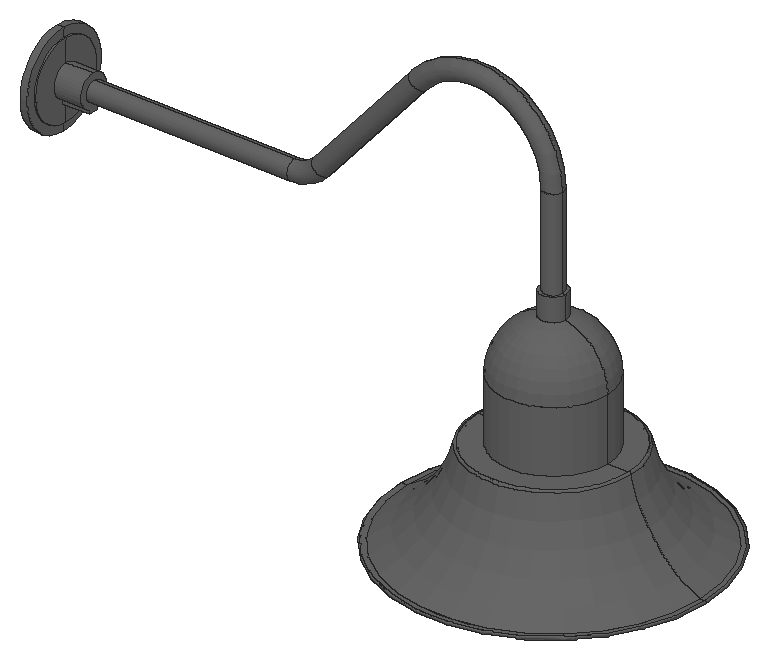
Revit family "Mini Bella Vista_Flare_MB", category Lighting Fixtures, Revit 2020
Family settings
  Round Connector Dimension = Use Diameter
  Part Type = Normal
  OmniClass Number = 23.80.70.00
  OmniClass Title = Lighting
  Work Plane-Based = No
  Always vertical = Yes
  Cut with Voids When Loaded = No
  Light Source = Yes
  Shared = No
  Room Calculation Point = No
Parameters (values of type "MBVF16")
  Weight = "1.25 lb"
  Wattage Comments = "200W"
  Wattage = 2.4 W
  Warranty = "5 year limited warranty"  # constant formula
  built-in parameter 1150110 = 1 (stored number, unit not read)
  Voltage = 277 V
  URL = "https://www.anplighting.com/assets/Uploads/product-attachments/specification-sheets/ANP-Specification-Sheet-RLM-MB-MBVF16.pdf"
  built-in parameter 1114217 = 1 (stored number, unit not read)
  Tilt Angle = 90.00°
  built-in parameter 1150109 = 1 (stored number, unit not read)
  built-in parameter 1150134 = 12
  built-in parameter 1150113 = 1 (stored number, unit not read)
  Mounting Option [instance] = 2
  Power Factor = 1
  Post Mount [instance] = Mounting Option = 5  # no
  Placement X axis side [instance] = if(Post Mount, 2' 2 15/32", if(Cord or Stem Mount, 0' 0", if(E36 20 inch, 1' 8 1/4", if(E 6 26 inch, 2' 2", if(E7 41 inch, 3' 5 1/4", 0' 1")))))  # 2' - 2"
  Photometric Web File = "MBVF16E050LDST540K.ies"
  Model = "MBVF16"
  Manufacturer = "ANP Lighting"  # constant formula
  MBVF16 = yes
  MBVF14 = no
  MBVF12 = no
  built-in parameter 1150105 = 3000 (stored number, unit not read)
  Lumens = 3000 lm
  built-in parameter 1150115 = 1 (stored number, unit not read)
  Load Classification = Lighting
  Light Source Height [instance] = if(MBVF12, 0' 4 55/128", if(MBVF14, 0' 5 23/128", if(MBVF16, 0' 5 55/128", 0' 0")))  # 0' - 5 55/128"
  built-in parameter 1150137 = (empty or 0)
  built-in parameter 1150139 = (empty or 0)
  Light Elevation_3 [instance] = if(MBVF12, (0' 2" + 0' 2 55/128"), if(MBVF14, (0' 2 3/4" + 0' 2 55/128"), if(MBVF16, (0' 3" + 0' 2 55/128"), 0' 0")))  # 0' - 5 55/128"
  Light Elevation _2 [instance] = if(MBVF12, 0' 10 7/8", if(MBVF14, 0' 11 5/8", if(MBVF16, 1' 0", 0' 0")))  # 1' - 0"
  Light Elevation _1 [instance] = if(Post Mount, 0' 0", if(E7 41 inch, 0' 0", if(E36 20 inch, 0' 1", if(E 6 26 inch, 0' 0.87402", if(Cord or Stem Mount, (0' 3.66142" + Cord Length), 0' 0")))))  # 0' - 0.87402"
  Light Elevation [instance] = if(Post Mount, 14' 0.5315", if(E7 41 inch, 0' 0", 0' 0"))  # 0' - 0"
  Life = "L70 60,000 hours"
  built-in parameter 1150112 = 1 (stored number, unit not read)
  built-in parameter 1150114 = 1 (stored number, unit not read)
  Lamp = "200W MAX MEDIUM BASE"
  Inside body material = INSIDE BODY MATERIAL
  built-in parameter 1150132 = 2
  built-in parameter 1150102 = (empty or 0)
  built-in parameter 1150107 = 4000 (stored number, unit not read)
  built-in parameter 1150138 = (empty or 0)
  built-in parameter 1150106 = 30 (stored number, unit not read)
  GLASS = Glass
  Fixture Height = 1' - 0"
  Fixture Diameter = 1' - 4"
  Efficiency = "80-116 lumens per watt"
  built-in parameter 1150104 = 116.13 (stored number, unit not read)
  E7 41 inch [instance] = Mounting Option = 4  # no
  E36 20 inch [instance] = Mounting Option = 3  # no
  E 6 26 inch [instance] = Mounting Option = 2  # yes
  Dimming Lamp Color Temperature Shift = <None>
  Dimming = "1%"  # constant formula
  Description = "120-277 Voltage"  # constant formula
  Default Elevation = 0' - 0"
  Cord or Stem Mount [instance] = Mounting Option = 1  # no
  Cord Length option [instance] = 10
  Cord Length [instance] = if([2' Cord], 2' 0", if([4' Cord], 4' 0", if([8' Cord], 8' 0", if([10' Cord], 10' 0", if([6' Cord], 6' 0", 6' 0")))))  # 10' - 0"
  Construction Material = "Heavy Duty spun aluminum."  # constant formula
  Color Filter = 16777215
  CRI = ">70"
  Bulb = BULB
  Body Material = body
  Body Colour = "Spun aluminium"  # constant formula
  built-in parameter 1114218 = 1 (stored number, unit not read)
  built-in parameter 1150133 = 10 (stored number, unit not read)
  Apparent Load = 200 VA
  8' Cord [instance] = Cord Length option = 8  # no
  6' Cord [instance] = Cord Length option = 6  # no
  4' Cord [instance] = Cord Length option = 4  # no
  2' Cord [instance] = Cord Length option = 2  # no
  10' Cord [instance] = Cord Length option = 10  # yes
Types (4): name | Weight | Wattage Comments | Wattage | URL | Photometric Web File | Model | MBVF16 | MBVF14 | MBVF12 | built-in parameter 1150105 | Lumens | Light Source Height | Light Elevation_3 | Light Elevation _2 | Life | Lamp | built-in parameter 1150106 | Fixture Height | Fixture Diameter | Efficiency | CRI | Apparent Load
  (no name) | "1.25 lb" | "200W" | 2.4 W | "https://www.anplighting.com/assets/Uploads/product-attachments/specification-sheets/ANP-Specification-Sheet-RLM-MB-MBVF16.pdf" | "MBVF16E050LDST540K.ies" | "MBVF16" | yes | no | no | 3000 (stored number, unit not read) | 3000 lm | 0' - 5 55/128" | 0' - 5 55/128" | 1' - 0" | "L70 60,000 hours" | "200W MAX MEDIUM BASE" | 30 (stored number, unit not read) | 1' - 0" | 1' - 4" | "80-116 lumens per watt" | ">70" | 200 VA
  MBVF12 | "0.80 lb" | "100W" | 1.6 W | "https://www.anplighting.com/assets/Uploads/product-attachments/specification-sheets/ANP-Specification-Sheet-RLM-MB-MBVF12.pdf" | "MBVF12M016LDDW40K-IES.ies" | "MBVF12" | no | no | yes | 2000 (stored number, unit not read) | 2000 lm | 0' - 4 55/128" | 0' - 4 55/128" | 0' - 10 7/8" | "L70 50,000 hours" | "100W MAX MEDIUM BASE" | 20 (stored number, unit not read) | 0' - 10 7/8" | 1' - 0" | "65-125 lumens per watt" | ">90" | 100 VA
  MBVF14 | "0.95 lb" | "200W" | 2.4 W | "https://www.anplighting.com/assets/Uploads/product-attachments/specification-sheets/ANP-Specification-Sheet-RLM-MB-MBVF14.pdf" | "MBVF14M024LDDW40K.ies" | "MBVF14" | no | yes | no | 3000 (stored number, unit not read) | 3000 lm | 0' - 5 23/128" | 0' - 5 23/128" | 0' - 11 5/8" | "L70 50,000 hours" | "200W MAX MEDIUM BASE" | 30 (stored number, unit not read) | 0' - 11 5/8" | 1' - 2" | "65-125 lumens per watt" | ">90" | 200 VA
  MBVF16 | "1.25 lb" | "200W" | 2.4 W | "https://www.anplighting.com/assets/Uploads/product-attachments/specification-sheets/ANP-Specification-Sheet-RLM-MB-MBVF16.pdf" | "MBVF16E050LDST540K.ies" | "MBVF16" | yes | no | no | 3000 (stored number, unit not read) | 3000 lm | 0' - 5 55/128" | 0' - 5 55/128" | 1' - 0" | "L70 60,000 hours" | "200W MAX MEDIUM BASE" | 30 (stored number, unit not read) | 1' - 0" | 1' - 4" | "80-116 lumens per watt" | ">70" | 200 VA
Reference planes (in)
  plane 1 "Light Source Axis (F/B)": y = 0
  plane 2: z = 0
  plane 3 "Light Source Axis (L/R)": x = 0
  plane 4 "Light Source Elevation": z = 0
  plane 5: z = 0
  plane 6: x = 26
  plane 7 "Bulb Position": z = -7.44433
  plane 8 "Canopy Position": z = -0.87402
  plane 9 "IES": z = -12.87402
  plane 10: z = -12.87402
Dimensions and locks (in)
  "Light Elevation": plane 5 to plane 2
  "Placement X axis side": plane 6 to plane 3 "Light Source Axis (L/R)"
  "Light Elevation _1": plane 5 to plane 8 "Canopy Position"
  "Light Source Height": plane 7 "Bulb Position" to plane 9 "IES"
  locked: plane 4 "Light Source Elevation" to plane 2
  "Light Elevation _2": plane 8 "Canopy Position" to plane 10
  "Light Elevation_3": plane 7 "Bulb Position" to plane 10
  aligned and locked: level to plane 2
  aligned and locked: plane 1 "Light Source Axis (F/B)" to nested 5
  aligned and locked: nested 5 to plane 2
  aligned and locked: nested 1 to plane 3 "Light Source Axis (L/R)"
  aligned and locked: plane 3 "Light Source Axis (L/R)" to nested 2
  aligned and locked: plane 3 "Light Source Axis (L/R)" to nested 4
  aligned and locked: nested 3 to plane 5
  aligned and locked: plane 3 "Light Source Axis (L/R)" to nested 3
  aligned and locked: plane 3 "Light Source Axis (L/R)" to nested 5
  aligned and locked: plane 1 "Light Source Axis (F/B)" to nested 2
  aligned and locked: plane 1 "Light Source Axis (F/B)" to nested 1
  aligned and locked: plane 1 "Light Source Axis (F/B)" to nested 4
  aligned and locked: plane 1 "Light Source Axis (F/B)" to nested 3
  aligned and locked: plane 2 to nested 1
  aligned and locked: plane 2 to nested 2
  aligned and locked: nested 4 to plane 2
  aligned and locked: imposter light to plane 9 "IES"
  aligned and locked: plane 6 to imposter light
  aligned and locked: plane 1 "Light Source Axis (F/B)" to nested 6
  aligned and locked: plane 1 "Light Source Axis (F/B)" to nested 7
  aligned and locked: plane 1 "Light Source Axis (F/B)" to nested 8
  aligned and locked: plane 8 "Canopy Position" to nested 6
  aligned and locked: plane 8 "Canopy Position" to nested 7
  aligned and locked: plane 8 "Canopy Position" to nested 8
  aligned and locked: plane 6 to nested 6
  aligned and locked: plane 6 to nested 7
  aligned and locked: plane 6 to nested 8
Nested families (in)
  nested 1: "CORD OR STEM MOUNT" at (0, 0, -123.67), visible <- "Cord or Stem Mount", Cord or Stem Mount <- "Cord or Stem Mount", Body Material <- "Body Material", Light Elevation <- "Light Elevation", Cord Length <- "Cord Length", 10' Cord <- "10' Cord", 2' Cord <- "2' Cord", 4' Cord <- "4' Cord", 6' Cord <- "6' Cord", 8' Cord <- "8' Cord", type "CORD OR STEM MOUNT"
    with Light Elevation 0' - 0", Cord or Stem Mount no, Cord Length 10' - 0", Body Material body, 8' Cord no, 6' Cord no, 4' Cord no, 2' Cord no, 10' Cord yes
  nested 2: "E6 26 INCH" at (26, 0, 0), visible <- "E 6 26 inch", Chain Length <- "Cord Length", E 6 26 inch <- "E 6 26 inch", Placement X axis side <- "Placement X axis side", Body Material <- "Body Material", Light Elevation <- "Light Elevation", type "E6 26 INCH"
    with Placement X axis side 2' - 2", Light Elevation 0' - 0", E 6 26 inch yes, Chain Length 10' - 0", Body Material body
  nested 3: "E7 41 INCH" at (26, 0, 0), Chain Length <- "Cord Length", visible <- "E7 41 inch", E7 41 inch <- "E7 41 inch", Placement X axis side <- "Placement X axis side", Body Material <- "Body Material", Light Elevation <- "Light Elevation", type "E7 41 INCH"
    with Placement X axis side 2' - 2", Light Elevation 0' - 0", E7 41 inch no, Chain Length 10' - 0", Body Material body
  nested 4: "E36 20 INCH" at (26, 0, 0), visible <- "E36 20 inch", E36 20 inch <- "E36 20 inch", Placement X axis side <- "Placement X axis side", Chain Length <- "Cord Length", Body Material <- "Body Material", Light Elevation <- "Light Elevation", type "E36 20 INCH"
    with Placement X axis side 2' - 2", Light Elevation 0' - 0", E36 20 inch no, Chain Length 10' - 0", Body Material body
  nested 5: "POST MOUNT" at (26, 0, 0), visible <- "Post Mount", Post Mount <- "Post Mount", Placement X axis side <- "Placement X axis side", Chain Length <- "Cord Length", Body Material <- "Body Material", Light Elevation <- "Light Elevation", type "POST MOUNT"
    with Post Mount no, Placement X axis side 2' - 2", Light Elevation 0' - 0", Chain Length 10' - 0", Body Material body
  nested 6: "MBVF12 LED" at (26, 0, -0.87402), Body <- "Body Material", visible <- "MBVF12", Light Elevation <- "Light Elevation", MBVF12 <- "MBVF12", type "MBVF12 LED"
    with MBVF12 no, Light Elevation 0' - 0", Body body
  nested 7: "MBVF14 LED" at (26, 0, -0.87402), visible <- "MBVF14", Body <- "Body Material", Light Elevation <- "Light Elevation", MBVF14 <- "MBVF14", type "MBVF14 LED"
    with MBVF14 no, Light Elevation 0' - 0", Body body
  nested 8: "MBVF16 LED" at (26, 0, -0.87402), visible <- "MBVF16", Body <- "Body Material", Light Elevation <- "Light Elevation", MBVF16 <- "MBVF16", type "MBVF16 LED"
    with MBVF16 yes, Light Elevation 0' - 0", Body body
Definition of nested family "E6 26 INCH"
  Parameters (values of type "E6 26 INCH")
    URL = ""
    Placement X axis side [instance] = 2' - 2"
    Model = ""
    Manufacturer = ""
    Light Elevation [instance] = 8' - 4"
    E 6 26 inch [instance] = yes
    Default Elevation = 0' - 0"
    Chain Length [instance] = 0' - 0"
    Body Material [instance] = none
  Reference planes (in)
    plane 1 "Light Source Axis (F/B)": y = 0
    plane 2: z = 0
    plane 3 "Light Source Axis (L/R)": x = 0
    plane 4 "Light Source Elevation": z = 23.125
    plane 5: z = 100
    plane 6: x = -26
    plane 7: z = 99.125
    plane 8: x = -24.12
    plane 9: x = -25.5474
  Forms (in)
    Extrusion 1, void, not visible
      sketch origin (0, 0, 2.38154) x (1, 0, 0) y (0, 0, 1)
        loop
          circle (0, 4.59925) r 0.16583
      from 1.18594 to 1.75
    Extrusion 2, void, not visible
      sketch origin (0, 0, 2.38154) x (0.707107, -0.707107, 0) y (0, 0, 1)
        loop
          circle (0, 4.59925) r 0.16583
      from 1.18594 to 1.75
    Extrusion 3, void, not visible
      sketch origin (0, 0, 2.38154) x (0.707107, 0.707107, 0) y (0, 0, 1)
        loop
          circle (0, 4.59925) r 0.16583
      from 1.18594 to 1.75
    Extrusion 4, void, not visible
      sketch origin (0, 0, 2.38154) x (0, 1, 0) y (0, 0, 1)
        loop
          circle (0, 4.59925) r 0.16583
      from 1.18594 to 1.75
    Extrusion 5, void, not visible
      sketch origin (0, 0, 2.38154) x (-0.707107, 0.707107, 0) y (0, 0, 1)
        loop
          circle (0, 4.59925) r 0.16583
      from 1.18594 to 1.75
    Extrusion 6, void, not visible
      sketch origin (0, 0, 2.38154) x (-1, 0, 0) y (0, 0, 1)
        loop
          circle (0, 4.59925) r 0.20678
      from 1.18594 to 1.75
    Extrusion 7, void, not visible
      sketch origin (0, 0, 2.38154) x (-0.707107, -0.707107, 0) y (0, 0, 1)
        loop
          circle (0, 4.59925) r 0.16583
      from 1.18594 to 1.75
    Extrusion 8, void, not visible
      sketch origin (0, 0, 2.38154) x (0, -1, 0) y (0, 0, 1)
        loop
          circle (0, 4.59925) r 0.16583
      from 1.18594 to 1.75
    Sweep 9, solid, material <- "Body Material", visible <- "E 6 26 inch"
      path origin (-41.25, 0, 168.51693) x (1, 0, 0) y (0, 0, 1)
        loop
          line (17.13, -68.51693) -> (27.68551, -68.51693)
          arc (27.68551, -68.51693) -> (28.47996, -68.34486) -> (29.13202, -67.8595) r 1.92004
          line (29.13202, -67.8595) -> (34.23651, -62.01155)
          arc (34.23651, -62.01155) -> (38.65464, -60.89667) -> (41.25, -64.64193) r 4
          line (41.25, -64.64193) -> (41.25, -69.39193)
      profile origin (-18.84224, 0, 100) x (0, 0, 1) y (0, -1, 0)
        loop
          circle (0, 0) r 0.5
    Revolve 10, solid, material <- "Body Material", visible <- "E 6 26 inch"
      sketch origin (-26, 0, 168.51693) x (1, 0, 0) y (0, 0, 1)
        loop
          line (0, -66.07943) -> (0, -68.51693) -> (1.88, -68.51693) -> (1.88, -67.69272) -> (0.4526, -67.69272) -> (0.4526, -66.54122) -> (0.33125, -66.54122) -> (0.33125, -66.07943) -> (0, -66.07943)
        axis (0, -68.51693) -> (1.88, -68.51693)
      angle from 0 to 360
    Extrusion 11, solid, material <- "Body Material", visible <- "E 6 26 inch"
      sketch origin (-26, 0, 168.51693) x (0, -1, 0) y (0, 0, -1)
        loop
          line (0.25, 68.51693) -> (0.25, 69.51693) -> (-0.25, 69.51693) -> (-0.25, 68.51693) -> (0.25, 68.51693)
      from 0.4526 to 1.88
  Cuts and joins
    joined: Revolve 10, Extrusion 11
  Dimensions and locks (in)
    "Light Elevation": plane 5 to plane 2
    "Placement X axis side": plane 3 "Light Source Axis (L/R)" to plane 6
    locked: plane 5 to plane 7 at 0.875
    Revolve 10 sketch curve to Revolve 10 sketch curve to Revolve 10 sketch curve to plane 6 = 0' - 1.4274" locked, 0' - 0.12135" locked, 0' - 0.33125" locked
    Revolve 10 sketch curve to Revolve 10 sketch curve to Revolve 10 sketch curve to plane 5 = 0' - 0.46179" locked, 0' - 1.1515" locked, 0' - 0 211/256" locked
    locked: Sweep 9 sketch curve to plane 6 at 1.88
    locked: Sweep 9 sketch curve to Sweep 9 sketch curve at 10.55551
    locked: Sweep 9 sketch curve to Sweep 9 sketch curve at 13.56449
    locked: Sweep 9 sketch curve to Sweep 9 sketch curve at 4.75
    locked: plane 9 to plane 6 at 0.4526
    locked: plane 8 to plane 9 at 1.4274
    aligned and locked: level to plane 2
    aligned and locked: Revolve 10 sketch curve to plane 6
    aligned and locked: plane 5 to Revolve 10 sketch curve
    aligned and locked: Revolve 10 sketch curve to plane 5
    aligned and locked: cut or joined group of Revolve 10, Extrusion 11 to plane 9
    aligned and locked: plane 8 to cut or joined group of Revolve 10, Extrusion 11
  Automatic sketch dimensions
    Sweep 9 sketch curve to plane 5 = 0' - 0"
    Sweep 9 sketch curve to Sweep 9 sketch curve = 0' - 4"
    Sweep 9 sketch curve to Sweep 9 sketch curve = 0' - 3.01349"
    plane 5 to Sweep 9 sketch curve = 0' - 0.65743"
    Sweep 9 sketch curve to Sweep 9 sketch curve = 0' - 1.4465"
    Sweep 9 sketch curve to plane 5 = 0' - 0 7/8"
    profile plane to Sweep 9 sketch curve = 0' - 0"
    Sweep 9 sketch curve to profile plane = 0' - 0"
    plane 6 to Revolve 10 sketch curve = 0' - 0.62562"
    Revolve 10 sketch curve to Revolve 10 sketch curve = 0' - 0 1/2"
    Extrusion 11 sketch curve to plane 5 = 0' - 0"
    plane 1 "Light Source Axis (F/B)" to Extrusion 11 sketch curve = 0' - 0 1/4"
    Extrusion 11 sketch curve to plane 1 "Light Source Axis (F/B)" = 0' - 0 1/4"
    plane 5 to Extrusion 11 sketch curve = 0' - 1"
    radius of Sweep 9 sketch curve = 0' - 0 1/2"
Definition of nested family "MBVF16 LED"
  Parameters
    MBVF16 [instance] = yes
    Light Elevation [instance] = 0' - 0"
    Default Elevation = 0' - 0"
    Body [instance] = none
  Reference planes (in)
    plane 1 "Center (Front/Back)": y = 0
    plane 2: z = 0
    plane 3 "Center (Left/Right)": x = 0
    plane 4: z = 0
  Dimensions and locks (in)
    "Light Elevation": plane 4 to plane 2
    aligned and locked: plane 2 to level
    aligned and locked: plane 3 "Center (Left/Right)" to nested 1
    aligned and locked: plane 1 "Center (Front/Back)" to nested 1
    aligned and locked: plane 4 to nested 1
  Nested families (in)
    nested 1: "MBVF16" at (0, 0, -12), visible <- "MBVF16", Body <- "Body", MBVF16 <- "MBVF16", type "MBVF16"
      with MBVF16 yes, Body none
  Definition of nested family "MBVF16"
    Parameters (values of type "MBVF16")
      REFLECTOR = none
      MBVF16 [instance] = yes
      Default Elevation = 0' - 0"
      Body [instance] = none
      BELLA = none
    Reference planes (in)
      plane 1 "Center (Front/Back)": y = 0
      plane 2: z = 0
      plane 3 "Center (Left/Right)": x = 0
      plane 4: x = 8
      plane 5: x = -8
      plane 6: z = 12
    Forms (in)
      Revolve 1, solid, material <- "Body", visible <- "MBVF16"
        sketch origin (0, 0, 0) x (1, 0, 0) y (0, 0, 1)
          loop
            arc (-0.68705, 10.81798) -> (-2.24475, 9.80759) -> (-2.84955, 8.05215) r 2.85
            line (-2.84955, 8.05215) -> (-2.84955, 4.82011) -> (-3.97344, 4.82011)
            arc (-3.97344, 4.82011) -> (-4.0525, 4.79184) -> (-4.09571, 4.71986) r 0.12469
            arc (-4.09571, 4.71986) -> (-5.3425, 2.00349) -> (-7.67704, 0.1372) r 6.47085
            line (-7.67704, 0.1372) -> (-7.93205, 0.1372)
            arc (-7.93205, 0.1372) -> (-8.00065, 0.0686) -> (-7.93205, 0) r 0.0686
            line (-7.93205, 0) -> (-7.82797, 0)
            arc (-7.82797, 0) -> (-5.3539, 1.8886) -> (-4.03442, 4.70761) r 6.53335
            arc (-4.03442, 4.70761) -> (-4.01287, 4.74351) -> (-3.97344, 4.75761) r 0.06219
            line (-3.97344, 4.75761) -> (-2.78705, 4.75761) -> (-2.78705, 8.05215)
            arc (-2.78705, 8.05215) -> (-2.19551, 9.76909) -> (-0.67197, 10.75733) r 2.7875
            line (-0.67197, 10.75733) -> (-0.42197, 10.75733) -> (-0.42197, 10.81798) -> (-0.68705, 10.81798)
          axis (0, 10.81798) -> (0, 0)
        angle from 0 to 360
      Revolve 2, solid, material <- "Body", visible <- "MBVF16"
        sketch origin (0, 0, 0) x (1, 0, 0) y (0, 0, 1)
          loop
            line (-0.67197, 12) -> (-0.67197, 10.81798) -> (-0.42197, 10.81798) -> (-0.42197, 12) -> (-0.67197, 12)
          axis (0, 12) -> (0, 10.81798)
        angle from 0 to 360
      Revolve 3, solid, material <- "Body", visible <- "MBVF16"
        sketch origin (0, 0, 0) x (1, 0, 0) y (0, 0, 1)
          loop
            line (-2.78705, 4.75761) -> (-3.97533, 4.75761)
            arc (-3.97533, 4.75761) -> (-5.32222, 1.90959) -> (-7.82797, 0) r 6.65598
            line (-7.82797, 0) -> (-7.6756, 0)
            arc (-7.6756, 0) -> (-5.24587, 1.90478) -> (-3.92458, 4.69511) r 6.71848
            line (-3.92458, 4.69511) -> (-2.78705, 4.69511) -> (-2.78705, 4.75761)
          axis (0, 4.75761) -> (0, 0)
        angle from 0 to 360
    Dimensions and locks (in)
      locked: Revolve 1 sketch curve to Revolve 1 sketch curve at 5.99787
      locked: plane 6 to level at 12
      locked: plane 4 to plane 5 at 16
      locked: Revolve 2 to Revolve 1 at 5.99787
      aligned and locked: plane 2 to level
      aligned and locked: Revolve 2 to plane 6
      aligned and locked: Revolve 1 to Revolve 2
Definition of nested family "CORD OR STEM MOUNT"
  Parameters (values of type "CORD OR STEM MOUNT")
    URL = ""
    Model = ""
    Manufacturer = ""
    Light Elevation [instance] = 1' - 7.69"
    Default Elevation = 0' - 0"
    Cord or Stem Mount [instance] = yes
    Cord Length [instance] = 6' - 0"
    Body Material [instance] = none
    8' Cord [instance] = no
    6' Cord [instance] = no
    4' Cord [instance] = no
    2' Cord [instance] = no
    10' Cord [instance] = no
  Reference planes (in)
    plane 1 "Light Source Axis (F/B)": y = 0
    plane 2: z = 0
    plane 3 "Light Source Axis (L/R)": x = 0
    plane 4 "Light Source Elevation": z = 23.125
    plane 5: z = 91.69
    plane 6: z = 19.69
  Forms (in)
    Extrusion 1, void, not visible
      sketch origin (0, 0, 2.38154) x (1, 0, 0) y (0, 0, 1)
        loop
          circle (0, 4.59925) r 0.16583
      from 1.18594 to 1.75
    Extrusion 2, void, not visible
      sketch origin (0, 0, 2.38154) x (0.707107, -0.707107, 0) y (0, 0, 1)
        loop
          circle (0, 4.59925) r 0.16583
      from 1.18594 to 1.75
    Extrusion 3, void, not visible
      sketch origin (0, 0, 2.38154) x (0.707107, 0.707107, 0) y (0, 0, 1)
        loop
          circle (0, 4.59925) r 0.16583
      from 1.18594 to 1.75
    Extrusion 4, void, not visible
      sketch origin (0, 0, 2.38154) x (0, 1, 0) y (0, 0, 1)
        loop
          circle (0, 4.59925) r 0.16583
      from 1.18594 to 1.75
    Extrusion 5, void, not visible
      sketch origin (0, 0, 2.38154) x (-0.707107, 0.707107, 0) y (0, 0, 1)
        loop
          circle (0, 4.59925) r 0.16583
      from 1.18594 to 1.75
    Extrusion 6, void, not visible
      sketch origin (0, 0, 2.38154) x (-1, 0, 0) y (0, 0, 1)
        loop
          circle (0, 4.59925) r 0.20678
      from 1.18594 to 1.75
    Extrusion 7, void, not visible
      sketch origin (0, 0, 2.38154) x (-0.707107, -0.707107, 0) y (0, 0, 1)
        loop
          circle (0, 4.59925) r 0.16583
      from 1.18594 to 1.75
    Extrusion 8, void, not visible
      sketch origin (0, 0, 2.38154) x (0, -1, 0) y (0, 0, 1)
        loop
          circle (0, 4.59925) r 0.16583
      from 1.18594 to 1.75
    Revolve 9, solid, material <- "Body Material", visible <- "Cord or Stem Mount"
      sketch origin (0, 0, 174.56698) x (1, 0, 0) y (0, 0, 1)
        loop
          line (2.6875, -79.20698) -> (0, -79.20698) -> (0, -82.87698) -> (0.125, -82.87698) -> (0.125, -82.83698) -> (0.75, -82.83698)
          arc (0.75, -82.83698) -> (0.81694, -82.77004) -> (0.75, -82.7031) r 0.06694
          line (0.75, -82.7031) -> (0.89763, -82.7031) -> (1.00223, -82.5985) -> (1.06587, -82.5985)
          arc (1.06587, -82.5985) -> (1.80099, -82.29401) -> (2.10549, -81.55888) r 1.03962
          line (2.10549, -81.55888) -> (2.10549, -81.03899)
          arc (2.10549, -81.03899) -> (2.12951, -80.981) -> (2.1875, -80.95698) r 0.08201
          line (2.1875, -80.95698) -> (2.1875, -80.70698) -> (2.6875, -80.70698) -> (2.6875, -79.20698)
        axis (0, -79.20698) -> (0, -82.87698)
      angle from 0 to 360
    Revolve 10, solid, material <- "Body Material", visible <- "Cord or Stem Mount"
      sketch origin (0, 0, 0) x (1, 0, 0) y (0, 0, 1)
        loop
          line (0, 91.69) -> (-0.125, 91.69) -> (-0.125, 19.69) -> (0, 19.69) -> (0, 91.69)
        axis (0, 19.69) -> (0, 91.69)
      angle from 0 to 360
  Dimensions and locks (in)
    "Light Elevation": plane 6 to plane 2
    "Cord Length": plane 5 to plane 6
    locked: Revolve 10 sketch curve to Revolve 10 sketch curve at 0.125
    aligned and locked: level to plane 2
    aligned and locked: Revolve 10 sketch curve to plane 3 "Light Source Axis (L/R)"
    aligned and locked: Revolve 10 sketch curve to plane 6
    aligned and locked: Revolve 10 sketch curve to plane 5
    aligned and locked: plane 3 "Light Source Axis (L/R)" to Revolve 10 sketch curve
  Automatic sketch dimensions
    Revolve 9 sketch curve to plane 3 "Light Source Axis (L/R)" = 0' - 0"  (x2)
    Revolve 9 sketch curve to plane 5 = 0' - 0"
    plane 3 "Light Source Axis (L/R)" to Revolve 9 sketch curve = 0' - 0 1/8"
    Revolve 9 sketch curve to plane 5 = 0' - 0.17388"
    Revolve 9 sketch curve to Revolve 9 sketch curve = 0' - 0 5/8"
    Revolve 9 sketch curve to Revolve 9 sketch curve = 0' - 0.14763"
    Revolve 9 sketch curve to plane 5 = 0' - 0.27847"
    Revolve 9 sketch curve to Revolve 9 sketch curve = 0' - 0.1046"
    Revolve 9 sketch curve to Revolve 9 sketch curve = 0' - 0.06364"
    Revolve 9 sketch curve to Revolve 9 sketch curve = 0' - 1.03962"
    Revolve 9 sketch curve to Revolve 9 sketch curve = 0' - 0 21/256"
    Revolve 9 sketch curve to Revolve 9 sketch curve = 0' - 0 1/2"  (x2)
    Revolve 9 sketch curve to Revolve 9 sketch curve = 0' - 0.51989"
    Revolve 9 sketch curve to Revolve 9 sketch curve = 0' - 0 1/4"
    Revolve 9 sketch curve to Revolve 9 sketch curve = 0' - 2.3519"
    Revolve 9 sketch curve to Revolve 9 sketch curve = 0' - 1 1/4"
    Revolve 9 sketch curve to Revolve 9 sketch curve = 0' - 0.04"
    Revolve 10 sketch curve to Revolve 10 sketch curve = 0' - 0 1/2"
    Revolve 10 sketch curve to Revolve 10 sketch curve = 0' - 0.42345"
Definition of nested family "E7 41 INCH"
  Parameters (values of type "E7 41 INCH")
    URL = ""
    Placement X axis side [instance] = 4' - 2"
    Model = ""
    Manufacturer = ""
    Light Elevation [instance] = 8' - 4"
    E7 41 inch [instance] = yes
    Default Elevation = 0' - 0"
    Chain Length [instance] = 0' - 0"
    Body Material [instance] = none
  Reference planes (in)
    plane 1 "Light Source Axis (F/B)": y = 0
    plane 2: z = 0
    plane 3 "Light Source Axis (L/R)": x = 0
    plane 4 "Light Source Elevation": z = 23.125
    plane 5: z = 100
    plane 6: x = -50
  Forms (in)
    Extrusion 1, void, not visible
      sketch origin (0, 0, 2.38154) x (1, 0, 0) y (0, 0, 1)
        loop
          circle (0, 4.59925) r 0.16583
      from 1.18594 to 1.75
    Extrusion 2, void, not visible
      sketch origin (0, 0, 2.38154) x (0.707107, -0.707107, 0) y (0, 0, 1)
        loop
          circle (0, 4.59925) r 0.16583
      from 1.18594 to 1.75
    Extrusion 3, void, not visible
      sketch origin (0, 0, 2.38154) x (0.707107, 0.707107, 0) y (0, 0, 1)
        loop
          circle (0, 4.59925) r 0.16583
      from 1.18594 to 1.75
    Extrusion 4, void, not visible
      sketch origin (0, 0, 2.38154) x (0, 1, 0) y (0, 0, 1)
        loop
          circle (0, 4.59925) r 0.16583
      from 1.18594 to 1.75
    Extrusion 5, void, not visible
      sketch origin (0, 0, 2.38154) x (-0.707107, 0.707107, 0) y (0, 0, 1)
        loop
          circle (0, 4.59925) r 0.16583
      from 1.18594 to 1.75
    Extrusion 6, void, not visible
      sketch origin (0, 0, 2.38154) x (-1, 0, 0) y (0, 0, 1)
        loop
          circle (0, 4.59925) r 0.20678
      from 1.18594 to 1.75
    Extrusion 7, void, not visible
      sketch origin (0, 0, 2.38154) x (-0.707107, -0.707107, 0) y (0, 0, 1)
        loop
          circle (0, 4.59925) r 0.16583
      from 1.18594 to 1.75
    Extrusion 8, void, not visible
      sketch origin (0, 0, 2.38154) x (0, -1, 0) y (0, 0, 1)
        loop
          circle (0, 4.59925) r 0.16583
      from 1.18594 to 1.75
    Revolve 9, solid, material <- "Body Material", visible <- "E7 41 inch"
      sketch origin (-41.25, 0, 168.39193) x (1, 0, 0) y (0, 0, 1)
        loop
          line (-8.75, -66.20443) -> (-8.75, -68.51693) -> (-6.87, -68.51693) -> (-6.87, -67.69272) -> (-8.2974, -67.69272) -> (-8.2974, -66.54122) -> (-8.41875, -66.54122) -> (-8.41875, -66.20443) -> (-8.75, -66.20443)
        axis (-8.75, -68.51693) -> (-6.87, -68.51693)
      angle from 0 to 360
    Extrusion 10, solid, material <- "Body Material", visible <- "E7 41 inch"
      sketch origin (-41.25, 0, 168.39193) x (0, -1, 0) y (0, 0, -1)
        loop
          line (0.25, 68.51693) -> (0.25, 69.51693) -> (-0.25, 69.51693) -> (-0.25, 68.51693) -> (0.25, 68.51693)
      from -8.2974 to -6.87
    Sweep 11, solid, material <- "Body Material", visible <- "E7 41 inch"
      path origin (-41.25, 0, 168.39193) x (1, 0, 0) y (0, 0, 1)
        loop
          line (-6.87, -68.51693) -> (16.04011, -68.51693)
          arc (16.04011, -68.51693) -> (17.864, -68.13651) -> (19.38375, -67.0587) r 4.5625
          line (19.38375, -67.0587) -> (24.70217, -61.33018)
          arc (24.70217, -61.33018) -> (29.64465, -60.20324) -> (32.5, -64.39193) r 4.5
          line (32.5, -64.39193) -> (32.5, -68.39193)
      profile origin (-36.66494, 0, 99.875) x (0, 0, 1) y (0, -1, 0)
        loop
          circle (0, 0) r 0.5
  Dimensions and locks (in)
    "Placement X axis side": plane 3 "Light Source Axis (L/R)" to plane 6
    "Light Elevation": plane 5 to plane 2
    locked: Revolve 9 sketch curve to Revolve 9 sketch curve at 0.33125
    locked: Revolve 9 sketch curve to Revolve 9 sketch curve at 0.4526
    locked: Revolve 9 sketch curve to Revolve 9 sketch curve at 1.88
    locked: Revolve 9 sketch curve to Revolve 9 sketch curve at 0.82421
    locked: Revolve 9 sketch curve to Revolve 9 sketch curve at 1.1515
    locked: Revolve 9 sketch curve to Revolve 9 sketch curve at 0.33679
    locked: plane 5 to Revolve 9 sketch curve at 0.125
    locked: Extrusion 10 sketch curve to Extrusion 10 sketch curve at 0.5
    locked: Extrusion 10 sketch curve to Extrusion 10 sketch curve at 1
    locked: plane 5 to Extrusion 10 sketch curve at 0.125
    locked: plane 5 to Sweep 11 sketch curve at 0.125
    locked: Sweep 11 sketch curve to Sweep 11 sketch curve at 39.37
    locked: Sweep 11 sketch curve to Sweep 11 sketch curve at 4
    locked: plane 6 to Extrusion 10 at 0.4526
    locked: Sweep 11 sketch curve to plane 6 at 1.88
    locked: Extrusion 10 to Extrusion 10 at 1.4274
    aligned and locked: plane 2 to level
    aligned and locked: Revolve 9 sketch curve to plane 6
  Automatic sketch dimensions
    Revolve 9 sketch curve to plane 5 = 0' - 0 1/8"
    plane 6 to Revolve 9 sketch curve = 0' - 0.62562"
    Revolve 9 sketch curve to Revolve 9 sketch curve = 0' - 0 1/2"
    plane 1 "Light Source Axis (F/B)" to Extrusion 10 sketch curve = 0' - 0 1/4"
    Sweep 11 sketch curve to plane 5 = 0' - 0"
    Sweep 11 sketch curve to Sweep 11 sketch curve = 0' - 4 1/2"
    Sweep 11 sketch curve to Sweep 11 sketch curve = 0' - 3.29783"
    plane 5 to Sweep 11 sketch curve = 0' - 1.33323"
    Sweep 11 sketch curve to Sweep 11 sketch curve = 0' - 5.31842"
    Sweep 11 sketch curve to Sweep 11 sketch curve = 0' - 3.34364"
    profile plane to Sweep 11 sketch curve = 0' - 0"
    Sweep 11 sketch curve to profile plane = 0' - 0"
    radius of Sweep 11 sketch curve = 0' - 0 1/2"
Definition of nested family "E36 20 INCH"
  Parameters (values of type "E36 20 INCH")
    URL = ""
    Placement X axis side [instance] = 1' - 8 1/4"
    Model = ""
    Manufacturer = ""
    Light Elevation [instance] = 8' - 4"
    E36 20 inch [instance] = yes
    Default Elevation = 0' - 0"
    Chain Length [instance] = 0' - 0"
    Body Material [instance] = none
  Reference planes (in)
    plane 1 "Light Source Axis (F/B)": y = 0
    plane 2: z = 0
    plane 3 "Light Source Axis (L/R)": x = 0
    plane 4 "Light Source Elevation": z = 23.125
    plane 5: z = 99
    plane 6: x = -20.25
    plane 7: z = 100
    plane 8: x = -18.37008
    plane 9: x = -19.79724
  Forms (in)
    Extrusion 1, void, not visible
      sketch origin (0, 0, 2.38154) x (1, 0, 0) y (0, 0, 1)
        loop
          circle (0, 4.59925) r 0.16583
      from 1.18594 to 1.75
    Extrusion 2, void, not visible
      sketch origin (0, 0, 2.38154) x (0.707107, -0.707107, 0) y (0, 0, 1)
        loop
          circle (0, 4.59925) r 0.16583
      from 1.18594 to 1.75
    Extrusion 3, void, not visible
      sketch origin (0, 0, 2.38154) x (0.707107, 0.707107, 0) y (0, 0, 1)
        loop
          circle (0, 4.59925) r 0.16583
      from 1.18594 to 1.75
    Extrusion 4, void, not visible
      sketch origin (0, 0, 2.38154) x (0, 1, 0) y (0, 0, 1)
        loop
          circle (0, 4.59925) r 0.16583
      from 1.18594 to 1.75
    Extrusion 5, void, not visible
      sketch origin (0, 0, 2.38154) x (-0.707107, 0.707107, 0) y (0, 0, 1)
        loop
          circle (0, 4.59925) r 0.16583
      from 1.18594 to 1.75
    Extrusion 6, void, not visible
      sketch origin (0, 0, 2.38154) x (-1, 0, 0) y (0, 0, 1)
        loop
          circle (0, 4.59925) r 0.20678
      from 1.18594 to 1.75
    Extrusion 7, void, not visible
      sketch origin (0, 0, 2.38154) x (-0.707107, -0.707107, 0) y (0, 0, 1)
        loop
          circle (0, 4.59925) r 0.16583
      from 1.18594 to 1.75
    Extrusion 8, void, not visible
      sketch origin (0, 0, 2.38154) x (0, -1, 0) y (0, 0, 1)
        loop
          circle (0, 4.59925) r 0.16583
      from 1.18594 to 1.75
    Sweep 9, solid, material <- "Body Material", visible <- "E36 20 inch"
      path origin (-41.25, 0, 169.51693) x (1, 0, 0) y (0, 0, 1)
        loop
          line (22.88, -69.51693) -> (28.93827, -69.51693)
          arc (28.93827, -69.51693) -> (29.97705, -69.28152) -> (30.81284, -68.62128) r 2.40953
          line (30.81284, -68.62128) -> (34.13807, -64.50378)
          arc (34.13807, -64.50378) -> (38.58272, -63.24548) -> (41.25, -67.01693) r 4
          line (41.25, -67.01693) -> (41.25, -70.51693)
      profile origin (-15.34086, 0, 100) x (0, 0, 1) y (0, -1, 0)
        loop
          circle (0, 0) r 0.5
    Revolve 10, solid, material <- "Body Material", visible <- "E36 20 inch"
      sketch origin (-20.25, 0, 169.51693) x (1, 0, 0) y (0, 0, 1)
        loop
          line (0, -67.20443) -> (0, -69.51693) -> (1.88, -69.51693) -> (1.88, -68.69272) -> (0.4526, -68.69272) -> (0.4526, -67.54122) -> (0.33125, -67.54122) -> (0.33125, -67.20443) -> (0, -67.20443)
        axis (0, -69.51693) -> (1.88, -69.51693)
      angle from 0 to 360
    Extrusion 11, solid, material <- "Body Material", visible <- "E36 20 inch"
      sketch origin (-20.25, 0, 169.51693) x (0, -1, 0) y (0, 0, -1)
        loop
          line (0.25, 69.51693) -> (0.25, 70.51693) -> (-0.25, 70.51693) -> (-0.25, 69.51693) -> (0.25, 69.51693)
      from 1.87992 to 0.45276
  Cuts and joins
    joined: Revolve 10, Extrusion 11
  Dimensions and locks (in)
    "Light Elevation": plane 7 to plane 2
    "Placement X axis side": plane 3 "Light Source Axis (L/R)" to plane 6
    locked: plane 7 to plane 5 at 1
    Revolve 10 sketch curve to Revolve 10 sketch curve to Revolve 10 sketch curve to plane 7 = 0' - 0.33679" locked, 0' - 1.1515" locked, 0' - 0 211/256" locked
    locked: Sweep 9 sketch curve to plane 6 at 1.88
    locked: Sweep 9 sketch curve to Sweep 9 sketch curve at 6.05827
    locked: Sweep 9 sketch curve to Sweep 9 sketch curve at 12.31173
    locked: Sweep 9 sketch curve to Sweep 9 sketch curve at 3.5
    Revolve 10 sketch curve to Revolve 10 sketch curve to Revolve 10 sketch curve to plane 6 = 0' - 1.4274" locked, 0' - 0.12135" locked, 0' - 0.33125" locked
    locked: plane 9 to plane 6 at 0.45276
    locked: plane 8 to plane 9 at 1.42717
    aligned and locked: level to plane 2
    aligned and locked: plane 7 to Revolve 10 sketch curve
    aligned and locked: Revolve 10 sketch curve to plane 7
    aligned and locked: Revolve 10 sketch curve to plane 6
    aligned and locked: cut or joined group of Revolve 10, Extrusion 11 to plane 9
    aligned and locked: plane 8 to cut or joined group of Revolve 10, Extrusion 11
  Automatic sketch dimensions
    Sweep 9 sketch curve to plane 7 = 0' - 0"
    Sweep 9 sketch curve to plane 5 = 0' - 0"
    Sweep 9 sketch curve to Sweep 9 sketch curve = 0' - 4"
    Sweep 9 sketch curve to plane 7 = 0' - 0.89565"
    Sweep 9 sketch curve to Sweep 9 sketch curve = 0' - 3.32523"
    Sweep 9 sketch curve to Sweep 9 sketch curve = 0' - 1.87457"
    profile plane to Sweep 9 sketch curve = 0' - 0"
    Sweep 9 sketch curve to profile plane = 0' - 0"
    plane 6 to Revolve 10 sketch curve = 0' - 0.62562"
    Revolve 10 sketch curve to Revolve 10 sketch curve = 0' - 0 1/2"
    plane 7 to Extrusion 11 sketch curve = 0' - 0"
    Extrusion 11 sketch curve to plane 5 = 0' - 0"
    plane 1 "Light Source Axis (F/B)" to Extrusion 11 sketch curve = 0' - 0 1/4"
    Extrusion 11 sketch curve to plane 1 "Light Source Axis (F/B)" = 0' - 0 1/4"
    radius of Sweep 9 sketch curve = 0' - 0 1/2"
Definition of nested family "POST MOUNT"
  Parameters (values of type "POST MOUNT")
    URL = ""
    Post Mount [instance] = yes
    Placement X axis side [instance] = 2' - 2 1/2"
    Model = ""
    Manufacturer = ""
    Light Elevation [instance] = 14' - 0.5168"
    Default Elevation = 0' - 0"
    Chain Length [instance] = 0' - 0"
    Body Material [instance] = none
  Reference planes (in)
    plane 1 "Light Source Axis (F/B)": y = 0
    plane 2: z = 0
    plane 3 "Light Source Axis (L/R)": x = 0
    plane 4 "Light Source Elevation": z = 23.125
    plane 5: x = -26.5
    plane 6: z = 168.5168
  Forms (in)
    Extrusion 1, void, not visible
      sketch origin (0, 0, 2.38154) x (1, 0, 0) y (0, 0, 1)
        loop
          circle (0, 4.59925) r 0.16583
      from 1.18594 to 1.75
    Extrusion 2, void, not visible
      sketch origin (0, 0, 2.38154) x (0.707107, -0.707107, 0) y (0, 0, 1)
        loop
          circle (0, 4.59925) r 0.16583
      from 1.18594 to 1.75
    Extrusion 3, void, not visible
      sketch origin (0, 0, 2.38154) x (0.707107, 0.707107, 0) y (0, 0, 1)
        loop
          circle (0, 4.59925) r 0.16583
      from 1.18594 to 1.75
    Extrusion 4, void, not visible
      sketch origin (0, 0, 2.38154) x (0, 1, 0) y (0, 0, 1)
        loop
          circle (0, 4.59925) r 0.16583
      from 1.18594 to 1.75
    Extrusion 5, void, not visible
      sketch origin (0, 0, 2.38154) x (-0.707107, 0.707107, 0) y (0, 0, 1)
        loop
          circle (0, 4.59925) r 0.16583
      from 1.18594 to 1.75
    Extrusion 6, void, not visible
      sketch origin (0, 0, 2.38154) x (-1, 0, 0) y (0, 0, 1)
        loop
          circle (0, 4.59925) r 0.20678
      from 1.18594 to 1.75
    Extrusion 7, void, not visible
      sketch origin (0, 0, 2.38154) x (-0.707107, -0.707107, 0) y (0, 0, 1)
        loop
          circle (0, 4.59925) r 0.16583
      from 1.18594 to 1.75
    Extrusion 8, void, not visible
      sketch origin (0, 0, 2.38154) x (0, -1, 0) y (0, 0, 1)
        loop
          circle (0, 4.59925) r 0.16583
      from 1.18594 to 1.75
    Revolve 9, solid, material <- "Body Material", visible <- "Post Mount"
      sketch origin (-7.90508, 0, 0) x (1, 0, 0) y (0, 0, 1)
        loop
          line (-18.59492, 3.92912) -> (-16.29831, 3.92912) -> (-16.29831, 4.2668) -> (-16.91413, 4.2668) -> (-16.91413, 134.5168) -> (-17.16413, 134.5168) -> (-17.16413, 137.3918) -> (-17.05979, 137.3918)
          arc (-17.05979, 137.3918) -> (-16.93479, 137.5168) -> (-17.05979, 137.6418) r 0.125
          line (-17.05979, 137.6418) -> (-17.48032, 137.6418) -> (-17.48032, 139.0793) -> (-17.73032, 139.0793) -> (-17.73032, 139.5793) -> (-18.59492, 139.5793) -> (-18.59492, 3.92912)
        axis (-18.59492, 139.5793) -> (-18.59492, 3.92912)
      angle from 0 to 360
    Extrusion 10, solid, material <- "Body Material", visible <- "Post Mount"
      sketch origin (0, 0, 0) x (1, 0, 0) y (0, 1, 0)
        loop
          line (-20.5, 5.93079) -> (-32.5, 5.93079) -> (-32.5, -6.06921) -> (-20.5, -6.06921) -> (-20.5, 5.93079)
      from 0 to 3.92912
    Sweep 11, solid, material <- "Body Material", visible <- "Post Mount"
      path origin (0, 0, 48.5) x (1, 0, 0) y (0, 0, 1)
        loop
          line (0, 120.0168) -> (0, 128.0168)
          arc (0, 128.0168) -> (-13.25, 141.2668) -> (-26.5, 128.0168) r 13.25
          line (-26.5, 128.0168) -> (-26.5, 91.0793)
      profile origin (0, 0, 172.5168) x (-1, 0, 0) y (0, -1, 0)
        loop
          circle (0, 0) r 0.5
    Revolve 12, solid, material <- "Body Material", visible <- "Post Mount"
      sketch origin (0, 0, 0) x (1, 0, 0) y (0, 0, 1)
        loop
          line (0, 168.5168) -> (0.75, 168.5168) -> (0.75, 170.7668) -> (0, 170.7668) -> (0, 168.5168)
        axis (0, 170.7668) -> (0, 168.5168)
      angle from 0 to 360
  Cuts and joins
    joined: Revolve 9, Extrusion 10, Sweep 11, Revolve 12
  Dimensions and locks (in)
    "Placement X axis side": plane 3 "Light Source Axis (L/R)" to plane 5
    "Light Elevation": plane 6 to plane 2
    locked: Revolve 12 sketch curve to plane 5 at 26.5  (x2)
    locked: Revolve 9 sketch curve to plane 2 at 3.92912
    locked: Revolve 9 sketch curve to plane 5 at 2.29661
    locked: Revolve 9 sketch curve to plane 5 at 1.68079
    locked: Revolve 9 sketch curve to plane 5 at 1.43079
    locked: Revolve 9 sketch curve to plane 5 at 1.11461
    locked: Revolve 9 sketch curve to plane 5 at 0.86461
    locked: Revolve 9 sketch curve to Revolve 9 sketch curve at 130.58768
    locked: Revolve 9 sketch curve to Revolve 9 sketch curve at 2.875
    locked: Revolve 9 sketch curve to Revolve 9 sketch curve at 0.25
    locked: Revolve 9 sketch curve to Revolve 9 sketch curve at 1.4375
    locked: Revolve 9 sketch curve to Revolve 9 sketch curve at 0.5
    locked: Sweep 11 sketch curve to Sweep 11 sketch curve at 26.5
    locked: Revolve 12 sketch curve to Revolve 12 sketch curve at 0.75
    locked: cut or joined group of Revolve 9, Extrusion 10, Sweep 11, Revolve 12 to plane 2 at 139.5793
    aligned and locked: level to plane 2
    aligned and locked: plane 5 to Sweep 11 sketch curve
    aligned and locked: Revolve 9 sketch curve to plane 5
  Automatic sketch dimensions
    Revolve 9 sketch curve to plane 5 = 0' - 0"
    Revolve 9 sketch curve to Revolve 9 sketch curve = 0' - 0.10434"
    Revolve 9 sketch curve to Revolve 9 sketch curve = 0' - 0.33768"
    Revolve 9 sketch curve to Revolve 9 sketch curve = 0' - 0 1/4"
    Revolve 9 sketch curve to Revolve 9 sketch curve = 0' - 0 7/16"
    Extrusion 10 sketch curve to plane 5 = 0' - 6"
    plane 5 to Extrusion 10 sketch curve = 0' - 6"
    plane 1 "Light Source Axis (F/B)" to Extrusion 10 sketch curve = 0' - 6.06921"
    Extrusion 10 sketch curve to plane 1 "Light Source Axis (F/B)" = 0' - 5.93079"
    Sweep 11 sketch curve to profile plane = 0' - 0"
    profile plane to Sweep 11 sketch curve = 0' - 0"
    Sweep 11 sketch curve to plane 6 = 0' - 0"
    Sweep 11 sketch curve to plane 6 = 0' - 8"
    plane 6 to Sweep 11 sketch curve = 2' - 4 15/16"
    Revolve 12 sketch curve to plane 6 = 0' - 0"
    Revolve 12 sketch curve to plane 6 = 0' - 2 1/4"
    Revolve 12 sketch curve to Revolve 12 sketch curve = 0' - 0 1/2"
    Revolve 12 sketch curve to Revolve 12 sketch curve = 0' - 0"
    radius of Sweep 11 sketch curve = 0' - 0 1/2"
Definition of nested family "MBVF12 LED"
  Parameters (values of type "MBVF12 LED")
    MBVF12 [instance] = yes
    Light Elevation [instance] = 0' - 0"
    Default Elevation = 0' - 0"
    Body [instance] = none
  Reference planes (in)
    plane 1 "Center (Front/Back)": y = 0
    plane 2: z = 0
    plane 3 "Center (Left/Right)": x = 0
    plane 4: z = 0
  Dimensions and locks (in)
    "Light Elevation": plane 4 to plane 2
    aligned and locked: plane 2 to level
    aligned and locked: plane 3 "Center (Left/Right)" to nested 1
    aligned and locked: plane 1 "Center (Front/Back)" to nested 1
    aligned and locked: plane 4 to nested 1
  Nested families (in)
    nested 1: "MBVF12" at (0, 0, -10.875), visible <- "MBVF12", Body <- "Body", MBVF12 <- "MBVF12", type "MBVF12"
      with MBVF12 yes, Body none
  Definition of nested family "MBVF12"
    Parameters (values of type "MBVF12")
      REFLECTIVE = none
      MBVF12 [instance] = yes
      Default Elevation = 0' - 0"
      Body [instance] = none
      BELLA = none
    Reference planes (in)
      plane 1 "Center (Front/Back)": y = 0
      plane 2: z = 0
      plane 3 "Center (Left/Right)": x = 0
      plane 4: x = -6
      plane 5: x = 6
      plane 6: z = 10.875
    Forms (in)
      Revolve 1, solid, material <- "Body", visible <- "MBVF12"
        sketch origin (0, 0, 0) x (1, 0, 0) y (0, 0, 1)
          loop
            line (-0.31975, 9.62504) -> (-0.59361, 9.62504)
            arc (-0.59361, 9.62504) -> (-1.69926, 8.86016) -> (-2.12455, 7.58477) r 2.125
            line (-2.12455, 7.58477) -> (-2.12455, 3.625) -> (-2.98452, 3.625)
            arc (-2.98452, 3.625) -> (-3.04396, 3.60375) -> (-3.07645, 3.54962) r 0.09375
            arc (-3.07645, 3.54962) -> (-4.00269, 1.5237) -> (-5.73645, 0.125) r 4.85316
            line (-5.73645, 0.125) -> (-5.93705, 0.125)
            arc (-5.93705, 0.125) -> (-5.99955, 0.0625) -> (-5.93705, 0) r 0.0625
            line (-5.93705, 0) -> (-5.85888, 0)
            arc (-5.85888, 0) -> (-4.00433, 1.42084) -> (-3.01516, 3.53737) r 4.91566
            arc (-3.01516, 3.53737) -> (-3.00433, 3.55542) -> (-2.98452, 3.5625) r 0.03125
            line (-2.98452, 3.5625) -> (-2.06205, 3.5625) -> (-2.06205, 7.58477)
            arc (-2.06205, 7.58477) -> (-1.65192, 8.8191) -> (-0.58463, 9.56254) r 2.0625
            line (-0.58463, 9.56254) -> (-0.31975, 9.56254) -> (-0.31975, 9.62504)
          axis (0, 9.62504) -> (0, 0)
        angle from 0 to 360
      Revolve 2, solid, material <- "Body", visible <- "MBVF12"
        sketch origin (0, 0, 0) x (1, 0, 0) y (0, 0, 1)
          loop
            line (-0.56975, 10.875) -> (-0.56975, 9.62504) -> (-0.31975, 9.62504) -> (-0.31975, 10.875) -> (-0.56975, 10.875)
          axis (0, 10.875) -> (0, 9.62504)
        angle from 0 to 360
      Revolve 3, solid, material <- "Body", visible <- "MBVF12"
        sketch origin (0, 0, 0) x (1, 0, 0) y (0, 0, 1)
          loop
            line (-2.06205, 3.5625) -> (-2.98454, 3.5625)
            arc (-2.98454, 3.5625) -> (-3.98982, 1.43278) -> (-5.85888, 0) r 4.99718
            line (-5.85888, 0) -> (-5.70888, 0)
            arc (-5.70888, 0) -> (-3.91425, 1.42721) -> (-2.93386, 3.5) r 5.05968
            line (-2.93386, 3.5) -> (-2.06205, 3.5) -> (-2.06205, 3.5625)
          axis (0, 3.5625) -> (0, 0)
        angle from 0 to 360
    Dimensions and locks (in)
      locked: Revolve 1 sketch curve to Revolve 1 sketch curve at 6.00004
      locked: Revolve 2 to Revolve 1 at 6.00004
      locked: plane 5 to plane 4 at 12
      locked: plane 6 to level at 10.875
      aligned and locked: plane 2 to level
      aligned and locked: Revolve 1 sketch curve to Revolve 3
      aligned and locked: Revolve 2 to plane 6
      aligned and locked: Revolve 1 to Revolve 2
Definition of nested family "MBVF14 LED"
  Parameters (values of type "MBVF14 LED")
    MBVF14 [instance] = yes
    Light Elevation [instance] = 0' - 0"
    Default Elevation = 0' - 0"
    Body [instance] = none
  Reference planes (in)
    plane 1 "Center (Front/Back)": y = 0
    plane 2: z = 0
    plane 3 "Center (Left/Right)": x = 0
    plane 4: z = 0
  Dimensions and locks (in)
    "Light Elevation": plane 4 to plane 2
    aligned and locked: plane 2 to level
    aligned and locked: plane 3 "Center (Left/Right)" to nested 1
    aligned and locked: plane 1 "Center (Front/Back)" to nested 1
    aligned and locked: plane 4 to nested 1
  Nested families (in)
    nested 1: "MBVF14" at (0, 0, -11.625), visible <- "MBVF14", Body <- "Body", MBVF14 <- "MBVF14", type "MBVF14"
      with MBVF14 yes, Body none
  Definition of nested family "MBVF14"
    Parameters (values of type "MBVF14")
      REFLECTIVE = none
      MBVF14 [instance] = yes
      Default Elevation = 0' - 0"
      Body [instance] = none
      BELLA = none
    Reference planes (in)
      plane 1 "Center (Front/Back)": y = 0
      plane 2: z = 0
      plane 3 "Center (Left/Right)": x = 0
      plane 4: x = 7
      plane 5: x = -7
      plane 6: z = 11.625
    Forms (in)
      Revolve 1, solid, material <- "Body", visible <- "MBVF14"
        sketch origin (0, 0, 0) x (1, 0, 0) y (0, 0, 1)
          loop
            arc (-0.64303, 10.24149) -> (-1.98181, 9.34909) -> (-2.49955, 7.82572) r 2.5
            line (-2.49955, 7.82572) -> (-2.49955, 4.24174) -> (-3.49196, 4.24174)
            arc (-3.49196, 4.24174) -> (-3.56151, 4.21687) -> (-3.59952, 4.15354) r 0.10969
            arc (-3.59952, 4.15354) -> (-4.6923, 1.76987) -> (-6.73826, 0.1297) r 5.68806
            line (-6.73826, 0.1297) -> (-6.93527, 0.1297)
            arc (-6.93527, 0.1297) -> (-7.00012, 0.06485) -> (-6.93527, 0) r 0.06485
            line (-6.93527, 0) -> (-6.87207, 0)
            arc (-6.87207, 0) -> (-4.69784, 1.66225) -> (-3.53824, 4.1413) r 5.75056
            arc (-3.53824, 4.1413) -> (-3.52188, 4.16854) -> (-3.49196, 4.17924) r 0.04719
            line (-3.49196, 4.17924) -> (-2.43705, 4.17924) -> (-2.43705, 7.82572)
            arc (-2.43705, 7.82572) -> (-1.93225, 9.311) -> (-0.62694, 10.18109) r 2.4375
            line (-0.62694, 10.18109) -> (-0.39303, 10.18109) -> (-0.39303, 10.24149) -> (-0.64303, 10.24149)
          axis (0, 10.24149) -> (0, 0)
        angle from 0 to 360
      Revolve 2, solid, material <- "Body", visible <- "MBVF14"
        sketch origin (0, 0, 0) x (1, 0, 0) y (0, 0, 1)
          loop
            line (-0.62244, 11.625) -> (-0.62244, 10.24149) -> (-0.37244, 10.24149) -> (-0.37244, 11.625) -> (-0.62244, 11.625)
          axis (0, 11.625) -> (0, 10.24149)
        angle from 0 to 360
      Revolve 3, solid, material <- "Body", visible <- "MBVF14"
        sketch origin (0, 0, 0) x (1, 0, 0) y (0, 0, 1)
          loop
            line (-2.43705, 4.17924) -> (-3.51339, 4.17924)
            arc (-3.51339, 4.17924) -> (-4.68246, 1.67954) -> (-6.87207, 0) r 5.81647
            line (-6.87207, 0) -> (-6.72102, 0)
            arc (-6.72102, 0) -> (-4.60663, 1.67439) -> (-3.46241, 4.11674) r 5.87897
            line (-3.46241, 4.11674) -> (-2.43705, 4.11674) -> (-2.43705, 4.17924)
          axis (0, 4.17924) -> (0, 0)
        angle from 0 to 360
    Dimensions and locks (in)
      locked: Revolve 1 sketch curve to Revolve 1 sketch curve at 5.99975
      locked: plane 6 to level at 11.625
      locked: plane 4 to plane 5 at 14
      aligned and locked: plane 2 to level
      aligned and locked: Revolve 2 to plane 6
      aligned and locked: Revolve 1 to Revolve 2
